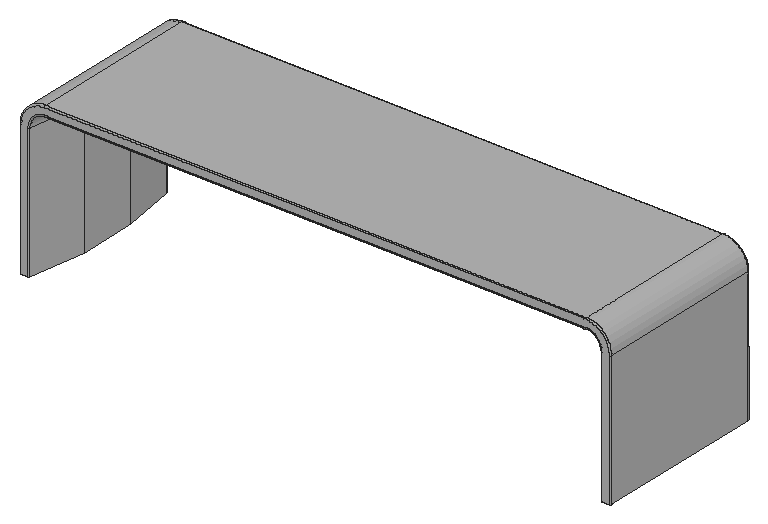
Revit family "Magnuson-Boden-Bench+", category Furniture, Revit 2020
Family settings
  Work Plane-Based = No
  Always vertical = Yes
  Cut with Voids When Loaded = No
  Shared = No
  Room Calculation Point = No
Parameters (values of type "BOD-B-01")
  Width = 61 1/2"
  URL = "www.magnusongroup.com"
  Type Comments = "Boden"  # constant formula
  Seat Finish = MAG - Concrete
  Salvage or Reuse = yes
  Revit Model Built By = "https://servex-us.com/servex-revit/"
  Qty Skate Stop Right (2 or 3) [instance] = 2
  Qty Skate Stop Left (2 or 3) [instance] = 2
  Percentage of Recycled Content = 0
  Model = "BOD-B-01"
  Manufacturer = "Magnuson Group"  # constant formula
  Low Emitting Material = yes
  Low Emitting Finish = yes
  Keynote = "12500"
  Height = 16 1/2"
  End Dist Right [instance] = if(#BR = 3, 3 3/4", 20 1/2")  # 20 1/2"
  End Dist Left [instance] = if(#BL = 3, 3 3/4", 20 1/2")  # 20 1/2"
  Description = "Outdoor High Performance Cast Concrete Bench"
  Depth = 17 3/4"
  Default Elevation = 0"
  BOD-B-SKATE Right Side [instance] = no
  B-Skate Finish = MAG - Burnished Aluminum
  BOD-B-SKATE Left Side [instance] = no
  B-Mount Finish = MAG - Stainless Steel
  BOD-B-MOUNT [instance] = no
  Assembly Code = "E2020200"
  #BR [instance] = if([Qty Skate Stop Right (2 or 3)] > 3, 3, if([Qty Skate Stop Right (2 or 3)] < 2, 2, [Qty Skate Stop Right (2 or 3)]))  # 2
  #BL [instance] = if([Qty Skate Stop Left (2 or 3)] > 3, 3, if([Qty Skate Stop Left (2 or 3)] < 2, 2, [Qty Skate Stop Left (2 or 3)]))  # 2
Reference planes (in)
  plane 1 "Center (Front/Back)": y = 0
  plane 2: z = 0
  plane 3 "Center (Left/Right)": x = 0
  plane 4: x = -30.75
  plane 5: x = 30.75
  plane 6: z = 16.5
  plane 7: y = 8.875
  plane 8: y = -8.875
  plane 9: x = -10.25
  plane 10: x = 10.25
  plane 11: x = -10.25
  plane 12: x = 10.25
Forms (in)
  Sweep 1, solid, material "MAG - Concrete" <- "Seat Finish"
    path origin (0, 0, 0) x (1, 0, 0) y (0, 0, 1)
      loop
        line (28.7517, 0) -> (28.7517, 13.875)
        arc (28.7517, 13.875) -> (28.56864, 14.31694) -> (28.1267, 14.5) r 0.625
        line (28.1267, 14.5) -> (-28.1267, 14.5)
        arc (-28.1267, 14.5) -> (-28.56864, 14.31694) -> (-28.7517, 13.875) r 0.625
        line (-28.7517, 13.875) -> (-28.7517, 0)
    profile origin (28.7517, 0, 6.9375) x (-1, 0, 0) y (0, -1, 0)
      loop
        line (-1.87153, -9) -> (-1.10419, -9)
        arc (-1.10419, -9) -> (-1.02339, -8.97038) -> (-0.98089, -8.89555) r 0.125
        line (-0.98089, -8.89555) -> (-0.00117, -3.01722)
        arc (-0.00117, -3.01722) -> (0.00098, -2.99994) -> (0.0017, -2.98254) r 0.21094
        line (0.0017, -2.98254) -> (0.0017, 2.98266)
        arc (0.0017, 2.98266) -> (0.00099, 2.99994) -> (-0.00115, 3.01711) r 0.20958
        line (-0.00115, 3.01711) -> (-0.98089, 8.89555)
        arc (-0.98089, 8.89555) -> (-1.02339, 8.97038) -> (-1.10419, 9) r 0.125
        line (-1.10419, 9) -> (-1.8733, 9)
        arc (-1.8733, 9) -> (-1.96169, 8.96339) -> (-1.9983, 8.875) r 0.125
        line (-1.9983, 8.875) -> (-1.9983, -8.87323)
        arc (-1.9983, -8.87323) -> (-1.96117, -8.96287) -> (-1.87153, -9) r 0.12677
Lines and regions (in)
  symbolic lines
    curve 1: line (-30.625, 8.875, 0) -> (30.62583, 8.875, 0)
    curve 2: line (-30.75, -8.87314, 0) -> (-30.75, 8.75, 0)
    curve 3: line (30.62678, -9, 0) -> (-30.62314, -9, 0)
    curve 4: line (30.75, 8.75083, 0) -> (30.75, -8.87678, 0)
    curve 5: arc (30.62583, 8.875, 0) -> (30.71363, 8.83863, 0) -> (30.75, 8.75083, 0) r 0.12417
    curve 6: arc (30.75, -8.87678, 0) -> (30.71391, -8.96391, 0) -> (30.62678, -9, 0) r 0.12322
    curve 7: arc (-30.62314, -9, 0) -> (-30.71284, -8.96284, 0) -> (-30.75, -8.87314, 0) r 0.12686
    curve 8: arc (-30.75, 8.75, 0) -> (-30.71339, 8.83839, 0) -> (-30.625, 8.875, 0) r 0.125
  symbolic lines, style "FurnitureHiddenLines", detail levels fine
    curve 9: line (29.73259, 8.89555, 0) -> (28.75287, 3.01722, 0)
    curve 10: arc (28.75, 2.98254, 0) -> (28.75072, 2.99994, 0) -> (28.75287, 3.01722, 0) r 0.21094
    curve 11: line (28.75, 2.98254, 0) -> (28.75, -2.98266, 0)
    curve 12: arc (28.75285, -3.01711, 0) -> (28.75071, -2.99994, 0) -> (28.75, -2.98266, 0) r 0.20958
    curve 13: line (28.75285, -3.01711, 0) -> (29.78722, -8.77055, 0)
    curve 14: arc (29.85589, -9, 0) -> (29.73614, -8.91084, 0) -> (29.78722, -8.77055, 0) r 0.125
    curve 15: arc (29.73259, 8.89555, 0) -> (29.77509, 8.97038, 0) -> (29.85589, 9, 0) r 0.125
    curve 16: line (-28.75, -2.98266, 0) -> (-28.75, 2.98254, 0)
    curve 17: line (-28.75287, 3.01722, 0) -> (-29.73259, 8.77055, 0)
    curve 18: arc (-28.75, 2.98254, 0) -> (-28.75072, 2.99994, 0) -> (-28.75287, 3.01722, 0) r 0.21094
    curve 19: arc (-28.75285, -3.01711, 0) -> (-28.75071, -2.99994, 0) -> (-28.75, -2.98266, 0) r 0.20958
    curve 20: line (-29.78722, -8.77055, 0) -> (-28.75285, -3.01711, 0)
    curve 21: arc (-29.85589, -9, 0) -> (-29.73614, -8.91084, 0) -> (-29.78722, -8.77055, 0) r 0.125
Dimensions and locks (in)
  plane 4 to Sweep 1 sketch curve to Sweep 1 sketch curve = 1.9983" locked, 5/8" locked
  plane 5 to Sweep 1 sketch curve to Sweep 1 sketch curve = 1.9983" locked, 5/8" locked
  equal spacing: plane 7, plane 1 "Center (Front/Back)", plane 8
  "Depth": plane 7 to plane 8
  equal spacing: plane 4, plane 3 "Center (Left/Right)", plane 5
  "Width": plane 4 to plane 5
  "Height": plane 6 to plane 2
  "End Dist Left": plane 4 to plane 9
  "End Dist Left": plane 10 to plane 5
  group 1 to group 2 = 20 1/2"
  group 1 to group 2 = 0"  (x2)
  group 3 to group 4 = 20 1/2"
  group 3 to group 4 = 0"  (x2)
  "End Dist Right": plane 4 to plane 11
  "End Dist Right": plane 12 to plane 5
  aligned and locked: plane 2 to level
  aligned and locked: curve 2 to plane 4
  aligned and locked: curve 1 to plane 7
  aligned and locked: curve 4 to plane 5
  aligned and locked: curve 10 to Sweep 1
  aligned and locked: curve 12 to Sweep 1
  aligned and locked: curve 14 to Sweep 1
  aligned and locked: curve 15 to Sweep 1
  aligned and locked: curve 18 to Sweep 1
  aligned and locked: curve 19 to Sweep 1
  aligned and locked: curve 21 to Sweep 1
  aligned and locked: nested 1 to plane 1 "Center (Front/Back)"
  aligned and locked: nested 1 to plane 4
  aligned and locked: plane 1 "Center (Front/Back)" to nested 2
  aligned and locked: plane 5 to nested 2
  aligned and locked: plane 2 to nested 1
  aligned and locked: nested 2 to plane 2
  aligned and locked: nested 4 to plane 2
  aligned and locked: plane 2 to nested 3
  aligned and locked: nested 3 to plane 7
  aligned and locked: nested 5 to plane 7
  aligned and locked: plane 9 to nested 3
  aligned and locked: nested 5 to plane 10
  aligned and locked: nested 4 to plane 8
  aligned and locked: nested 6 to plane 8
  aligned and locked: nested 4 to plane 11
  aligned and locked: nested 6 to plane 12
Automatic sketch dimensions
  Sweep 1 sketch curve to level = 0"  (x2)
  Sweep 1 sketch curve to plane 6 = 2 5/8"
  profile plane to Sweep 1 sketch curve = 1.9983"
  Sweep 1 sketch curve to Sweep 1 sketch curve = 1/8"  (x2)
  Sweep 1 sketch curve to Sweep 1 sketch curve = 0.12677"
  Sweep 1 sketch curve to Sweep 1 sketch curve = 0.76911"
  Sweep 1 sketch curve to Sweep 1 sketch curve = 0.76734"
  Sweep 1 sketch curve to Sweep 1 sketch curve = 0.1233"  (x2)
  profile plane to Sweep 1 sketch curve = 0.20924"
  profile plane to Sweep 1 sketch curve = 0.20788"
  profile plane to Sweep 1 sketch curve = 0.00117"
  profile plane to Sweep 1 sketch curve = 0.00115"
  Sweep 1 sketch curve to profile plane = 0.0017"
  Sweep 1 sketch curve to profile plane = 9"
  Sweep 1 sketch curve to Sweep 1 sketch curve = 0.10445"
  Sweep 1 sketch curve to profile plane = 3.01722"
  profile plane to Sweep 1 sketch curve = 2.98266"
  Sweep 1 sketch curve to Sweep 1 sketch curve = 5.89235"
  curve 3 to plane 4 = 0.12686"
  curve 8 to plane 4 = 1/8"
  curve 5 to curve 4 = 0.12417"
  curve 6 to curve 4 = 0.12322"
  curve 10 to curve 10 = 0.03468"
  curve 11 to curve 12 = 0.00285"
  plane 8 to curve 13 = 0.10445"
  curve 15 to curve 15 = 0.02055"
  curve 17 to curve 18 = 0.00287"
  curve 17 to plane 7 = 0.10445"
  curve 8 to curve 17 = 0.89241"
  curve 19 to curve 16 = 0.00285"
  plane 8 to curve 20 = 0.10445"
Nested families (in)
  nested 1: "MG-B_Mount" at (-30.75, 0, 0) x (0, 1, 0) z (0, 0, 1), type "B-Mount"
  nested 2: "MG-B_Mount" at (30.75, 0, 0) x (0, 1, 0) z (0, 0, 1), type "B-Mount"
  nested 3: "MG-B_Skate" at (-10.25, 8.875, 0), B-Skate <- "BOD-B-SKATE Left Side", type "B-Skate"
    with B-Skate no
  nested 4: "MG-B_Skate" at (-10.25, -8.875, 0), B-Skate <- "BOD-B-SKATE Right Side", type "B-Skate"
    with B-Skate no
  nested 5: "MG-B_Skate" at (10.25, 8.875, 0), B-Skate <- "BOD-B-SKATE Left Side", type "B-Skate"
    with B-Skate no
  nested 6: "MG-B_Skate" at (10.25, -8.875, 0), B-Skate <- "BOD-B-SKATE Right Side", type "B-Skate"
    with B-Skate no
Definition of nested family "MG-B_Mount"
  Parameters (values of type "B-Mount")
    URL = "https://magnusongroup.com/"
    Type Comments = "Boden"  # constant formula
    Revit Model Built By = "https://servex-us.com/servex-revit/"
    Mount = yes
    Model = "B-Mount"
    Manufacturer = "Magnuson Group"  # constant formula
    Description = "Floor Mount for Boden Bench"
    Default Elevation = 0"
    B-Mount Finish = none
  Reference planes (in)
    plane 1 "Center (Front/Back)": y = 0
    plane 2: z = 0
    plane 3 "Center (Left/Right)": x = 0
  Forms (in)
    Extrusion 1, solid, material <- "B-Mount Finish", visible <- "Mount"
      sketch origin (0, 0, 0) x (1, 0, 0) y (0, 1, 0)
        loop
          arc (-4.29, 0) -> (-4.52048, -0.15316) -> (-4.46856, -0.42497) r 0.25
          line (-4.46856, -0.42497) -> (-1.23819, -3.72166)
          arc (-1.23819, -3.72166) -> (-1.07115, -3.83653) -> (-0.87314, -3.88) r 0.52805
          line (-0.87314, -3.88) -> (0.87314, -3.88)
          arc (0.87314, -3.88) -> (1.07115, -3.83653) -> (1.23819, -3.72166) r 0.52805
          line (1.23819, -3.72166) -> (4.46856, -0.42497)
          arc (4.46856, -0.42497) -> (4.52048, -0.15316) -> (4.29, 0) r 0.25
          line (4.29, 0) -> (-4.29, 0)
      from -0.1196 to 0
  Lines and regions (in)
    symbolic lines, visible <- "Mount", detail levels fine
      curve 1: line (-4.46856, -0.42497, 0) -> (-1.23819, -3.72166, 0)
      curve 2: arc (-1.23819, -3.72166, 0) -> (-1.07115, -3.83653, 0) -> (-0.87314, -3.88, 0) r 0.52805
      curve 3: line (-0.87314, -3.88, 0) -> (0.87314, -3.88, 0)
      curve 4: arc (0.87314, -3.88, 0) -> (1.07115, -3.83653, 0) -> (1.23819, -3.72166, 0) r 0.52805
      curve 5: line (1.23819, -3.72166, 0) -> (4.46856, -0.42497, 0)
      curve 6: arc (4.46856, -0.42497, 0) -> (4.52048, -0.15316, 0) -> (4.29, 0, 0) r 0.25
      curve 7: line (4.29, 0, 0) -> (-4.29, 0, 0)
      curve 8: arc (-4.29, 0, 0) -> (-4.52048, -0.15316, 0) -> (-4.46856, -0.42497, 0) r 0.25
  Dimensions and locks (in)
    aligned and locked: plane 2 to level
Definition of nested family "MG-B_Skate"
  Parameters (values of type "B-Skate")
    URL = "https://magnusongroup.com/"
    Type Comments = "Boden"  # constant formula
    Revit Model Built By = "https://servex-us.com/servex-revit/"
    Model = "B-Skate"
    Manufacturer = "Magnuson Group"  # constant formula
    Description = "Skate Stop for Boden Bench"
    Default Elevation = 0"
    B-Skate Finish = none
    B-Skate [instance] = yes
  Reference planes (in)
    plane 1 "Center (Front/Back)": y = 0
    plane 2: z = 0
    plane 3 "Center (Left/Right)": x = 0
  Forms (in)
    Extrusion 1, solid, material <- "B-Skate Finish", visible <- "B-Skate"
      sketch origin (0, 0, 0) x (0, 1, 0) y (0, 0, 1)
        loop
          line (0, 16.125) -> (0.25, 16.125) -> (0.25, 16.75)
          arc (0.25, 16.75) -> (0.21339, 16.83839) -> (0.125, 16.875) r 0.125
          line (0.125, 16.875) -> (-3.34691, 16.875) -> (-3.34691, 16.625) -> (-0.125, 16.625)
          arc (-0.125, 16.625) -> (-0.03661, 16.58839) -> (0, 16.5) r 0.125
          line (0, 16.5) -> (0, 16.125)
      from -0.54288 to 0.54288
    Extrusion 2, void
      sketch origin (0, 0, 0) x (1, 0, 0) y (0, 1, 0)
        loop
          line (-0.50135, 0.25) -> (-0.54288, 0.25) -> (-0.54288, -3.34691) -> (0.54288, -3.34691) -> (0.54288, 0.25) -> (0.50135, 0.25) -> (0.36093, -2.96607)
          arc (0.36093, -2.96607) -> (0.26963, -3.16758) -> (0.06434, -3.25) r 0.29688
          line (0.06434, -3.25) -> (-0.06434, -3.25)
          arc (-0.06434, -3.25) -> (-0.26963, -3.16758) -> (-0.36093, -2.96607) r 0.29688
          line (-0.36093, -2.96607) -> (-0.50135, 0.25)
      from 16.125 to 16.875
    Extrusion 3, void
      sketch origin (0, 0.25, 16.15625) x (0, 0, 1) y (1, 0, 0)
        loop
          line (0.34166, 0.50135) -> (-0.03125, 0.50135) -> (-0.03125, 0.12844)
          arc (-0.03125, 0.12844) -> (0.07797, 0.39213) -> (0.34166, 0.50135) r 0.37291
        loop
          arc (0.34166, -0.50135) -> (0.07797, -0.39213) -> (-0.03125, -0.12844) r 0.37291
          line (-0.03125, -0.12844) -> (-0.03125, -0.50135) -> (0.34166, -0.50135)
      from -0.25 to 0
  Cuts and joins
    Extrusion 2, Extrusion 3 cuts Extrusion 1
  Lines and regions (in)
    symbolic lines, visible <- "B-Skate", detail levels fine
      curve 1: line (-0.50135, 0.25, 0) -> (-0.36093, -2.96607, 0)
      curve 2: arc (-0.36093, -2.96607, 0) -> (-0.26963, -3.16758, 0) -> (-0.06434, -3.25, 0) r 0.29687
      curve 3: line (-0.06434, -3.25, 0) -> (0.06434, -3.25, 0)
      curve 4: arc (0.06434, -3.25, 0) -> (0.26963, -3.16758, 0) -> (0.36093, -2.96607, 0) r 0.29687
      curve 5: line (0.36093, -2.96607, 0) -> (0.50135, 0.25, 0)
      curve 6: line (0.50135, 0.25, 0) -> (-0.50135, 0.25, 0)
  Dimensions and locks (in)
    aligned and locked: plane 2 to level
